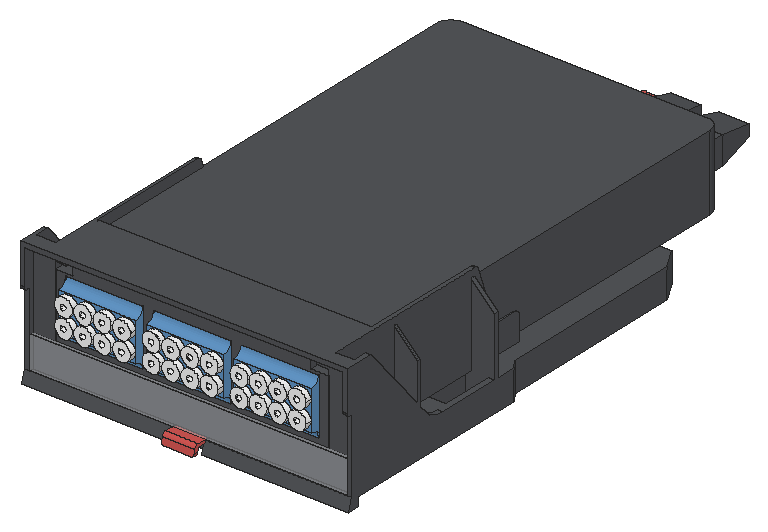
Revit family "MTP cassettes", category Installations électriques, Revit 2020
Family settings
  Conserver l'orientation des annotations = Non
  Cote de connecteur circulaire = Utiliser le diamètre
  Type d'élément = Normal
  Basée sur le plan de construction = Non
  Toujours verticalement = Oui
  Couper avec des vides une fois chargée = Non
  Partagée = Non
  Point de calcul de pièce = Non
Parameters (values of type "MTP cassette 24 LC OS2 MTP HD panel Ultra")
  BIM wording = "MTP cassette 24 LC OS2 MTP HD panel Ultra"
  Depth = 196 mm
  Height = 43.7 mm
  Color = IDS_NOIR
  Type of connector interior = "MT/MPO"
  Operating temperature = "-10°C à 60°C"
  E-catalogue link = "https://www.legrand.fr/reference/032144/pro"
  ETIM class = "EC001130"
  With pigtails = no
  With front plate = no
  Suitable for number of connectors = 24
  LC connectors = LC connectors : 24 fibers OS2 single mode
  Elévation par défaut = 0 mm
  EAN = "3414970962188"
  SC connectors = SC connectors : 12 fibers OM4 multi mode
  Connectors visibility = Number of connectors rear side = 2  # yes
  LC connectors visibility = yes
  SC connectors visibility = no
  With housing = yes
  Fiber optic class = "OS2"
  Crossed = no
  Function = "Slim cassettes High Density MTP"
  Number of connectors rear side = 2
  Number of connectors front side = 24
  Storage temperature = "-10°C à 60°C"
  Type of connector external = "LC_DUPLEX"
  Fiber optic type = "Single mode"
  Width (mm) = 110 mm
  Legrand part number = "032144"
Types (8, lengths in mm): name | BIM wording | Depth | Type of connector interior | E-catalogue link | ETIM class | Suitable for number of connectors | LC connectors | EAN | SC connectors | Connectors visibility | LC connectors visibility | SC connectors visibility | Fiber optic class | Crossed | Function | Number of connectors rear side | Number of connectors front side | Type of connector external | Fiber optic type | Legrand part number
  MTP cassette 24 LC OM4 MTP HD panel Ultra | "MTP cassette 24 LC OM4 MTP HD panel Ultra" | 196 | "MT/MPO" | "https://www.legrand.fr/reference/032142/pro" | "EC001130" | 24 | LC connectors : 24 fibers OM4 multi mode | "3414970962140" | SC connectors : 12 fibers OM4 multi mode | yes | yes | no | "OM4" | no | "Slim cassettes High Density MTP" | 2 | 24 | "LC_DUPLEX" | "Multimode" | "032142"
  MTP cassette 12 SC OM4 HD panel Ultra | "MTP cassette 12 SC OM4 HD panel Ultra" | 196 | "MT/MPO" | "https://www.legrand.fr/reference/032143/pro" | "EC001130" | 12 | LC connectors : 12 fibers OM4 multi mode | "3414970962164" | SC connectors : 12 fibers OM4 multi mode | no | no | yes | "OM4" | yes | "Slim cassettes High Density MTP" | 1 | 12 | "SC_DUPLEX" | "Multimode" | "032143"
  MTP cassette 24 LC OS2 MTP HD panel Ultra | "MTP cassette 24 LC OS2 MTP HD panel Ultra" | 196 | "MT/MPO" | "https://www.legrand.fr/reference/032144/pro" | "EC001130" | 24 | LC connectors : 24 fibers OS2 single mode | "3414970962188" | SC connectors : 12 fibers OM4 multi mode | yes | yes | no | "OS2" | no | "Slim cassettes High Density MTP" | 2 | 24 | "LC_DUPLEX" | "Single mode" | "032144"
  MTP cassette 12 SC OS2 MTP HD panel Ultra | "MTP cassette 12 SC OS2 MTP HD panel Ultra" | 196 | "MT/MPO" | "https://www.legrand.fr/reference/032145/pro" | "EC001130" | 12 | LC connectors : 12 fibers OM4 multi mode | "3414970962201" | SC connectors : 12 fibers OS2 single mode | no | no | yes | "OS2" | yes | "Slim cassettes High Density MTP" | 1 | 12 | "SC_DUPLEX" | "Single mode" | "032145"
  MTP cassette 12 LC OM4 MTP HD panel Ultra | "MTP cassette 12 LC OM4 MTP HD panel Ultra" | 200 | "MTP-M" | "https://www.legrand.fr/reference/032148/pro" | "EC002699" | 12 | LC connectors : 12 fibers OM4 multi mode | "3414971420236" | SC connectors : 12 fibers OM4 multi mode | no | yes | no | "OM4" | no | "High density MTP cassettes" | 1 | 12 | "LC_DUPLEX" | "Multimode" | "032148"
  MTP cassette 12 LC OS2 MTP HD panel Ultra | "MTP cassette 12 LC OS2 MTP HD panel Ultra" | 200 | "MTP-M" | "https://www.legrand.fr/reference/032149/pro" | "EC002699" | 12 | LC connectors : 12 fibers OS2 single mode | "3414971420250" | SC connectors : 12 fibers OM4 multi mode | no | yes | no | "OS2" | no | "High density MTP cassettes" | 1 | 12 | "LC_DUPLEX" | "Single mode" | "032149"
  MTP cassette 12 SC OM4 MTP HD panelÉ_UNIVERSELLE_ULTRA | "MTP cassette 12 SC OM4 MTP HD panelÉ_UNIVERSELLE_ULTRA" | 200 | "MTP-M" | "https://www.legrand.fr/reference/_ULTRA/pro" | "EC002699" | 12 | LC connectors : 12 fibers OM4 multi mode | "3414971929296" | SC connectors : 12 fibers OM4 multi mode | no | no | yes | "OM4" | yes | "High density MTP cassettes" | 1 | 12 | "SC_DUPLEX" | "Multimode" | "032159"
  MTP cassette 12 SC OS2 universal polarity Ultra | "MTP cassette 12 SC OS2 universal polarity Ultra" | 200 | "MTP-M" | "https://www.legrand.fr/reference/032160/pro" | "EC002699" | 12 | LC connectors : 12 fibers OM4 multi mode | "3414971929319" | SC connectors : 12 fibers OS2 single mode | no | no | yes | "OS2" | yes | "High density MTP cassettes" | 1 | 12 | "SC_DUPLEX" | "Single mode" | "032160"
Reference planes
  plane 1 "Centre (avant/arrière)": y = 0
  plane 2: z = 0
  plane 3 "Centre (gauche/droite)": x = 0
  plane 4: x = 110
  plane 5: x = 55
  plane 6: z = 10
  plane 7: z = 40.5
  plane 8: x = 8
  plane 9: y = 143
  plane 10: z = 37.3
  plane 11: x = 96
  plane 12: z = 29.3
  plane 13: y = 166.5
  plane 14: x = 80
  plane 15: x = 12.5
  plane 16: z = 13.8
  plane 17: y = 1.5
  plane 18: y = 27.5
  plane 19: z = 30
  plane 20: z = 38
  plane 21: z = 30
  plane 22: z = 38
  plane 23: z = 30
  plane 24: z = 38
  plane 25: z = 30
  plane 26: z = 38
Forms (mm)
  Extrusion 1, solid, material "IDS_NOIR" <- "Color"
    sketch origin (0, 0, 0) x (1, 0, 0) y (0, 1, 0)
      loop
        line (110, 0) -> (110, 68) -> (107.5, 71.441) -> (107.5, 135.5) -> (103.17, 143) -> (55, 143) -> (6.83, 143) -> (2.5, 135.5) -> (2.5, 71.441) -> (0, 68) -> (0, 0) -> (110, 0)
      loop
        line (2, 60) -> (2, 42) -> (10, 42) -> (10, 60) -> (2, 60)
      loop
        line (108, 60) -> (100, 60) -> (100, 42) -> (108, 42) -> (108, 60)
    from 0 to 10
  Extrusion 2, solid, material "IDS_NOIR" <- "Color"
    sketch origin (0, 0, 0) x (0, 1, 0) y (0, 0, 1)
      loop
        arc (38, 10) -> (33.774, 10.937) -> (30.34, 13.572) r 10
        line (30.34, 13.572) -> (7.744, 40.5) -> (-2, 40.5) -> (-2, 27)
        arc (-2, 27) -> (-1.707, 26.293) -> (-1, 26) r 1
        line (-1, 26) -> (0, 26) -> (0, 10) -> (38, 10)
    from 0 to 1.5
  Extrusion 3, solid, material "IDS_NOIR" <- "Color"
    sketch origin (110, 0, 0) x (0, 1, 0) y (0, 0, -1)
      loop
        line (38, -10) -> (0, -10) -> (0, -26) -> (-1, -26)
        arc (-1, -26) -> (-1.707, -26.293) -> (-2, -27) r 1
        line (-2, -27) -> (-2, -40.5) -> (7.744, -40.5) -> (30.34, -13.572)
        arc (30.34, -13.572) -> (33.774, -10.937) -> (38, -10) r 10
    from 0 to 1.5
  Extrusion 4, solid, material "IDS_NOIR" <- "Color"
    sketch origin (0, 45.834, 40.5) x (0, 1, 0) y (-1, 0, 0)
      loop
        line (-47.834, -1.5) -> (-47.834, -108.5) -> (-42.834, -108.5) -> (-42.834, -101) -> (-26.334, -101) -> (-26.334, -9) -> (-42.834, -9) -> (-42.834, -1.5) -> (-47.834, -1.5)
    from -1.5 to 0
  Extrusion 5, solid, material "IDS_NOIR" <- "Color"
    sketch origin (8, -1524, 47.803) x (0, 0, 1) y (0, -1, 0)
      loop
        line (-7.303, -1527) -> (-37.803, -1527) -> (-37.803, -1604) -> (-29.803, -1604)
        arc (-29.803, -1604) -> (-28.742, -1603.561) -> (-28.303, -1602.5) r 1.5
        line (-28.303, -1602.5) -> (-28.303, -1595.05)
        arc (-28.303, -1595.05) -> (-28.032, -1594.19) -> (-27.316, -1593.641) r 1.5
        line (-27.316, -1593.641) -> (-8.29, -1586.716)
        arc (-8.29, -1586.716) -> (-7.574, -1586.167) -> (-7.303, -1585.306) r 1.5
        line (-7.303, -1585.306) -> (-7.303, -1527)
    from 0 to 1
  Extrusion 6, solid, material "IDS_NOIR" <- "Color"
    sketch origin (102, -1524, 47.803) x (0, 0, 1) y (0, 1, 0)
      loop
        line (-7.303, 1527) -> (-7.303, 1585.306)
        arc (-7.303, 1585.306) -> (-7.574, 1586.167) -> (-8.29, 1586.716) r 1.5
        line (-8.29, 1586.716) -> (-27.316, 1593.641)
        arc (-27.316, 1593.641) -> (-28.032, 1594.19) -> (-28.303, 1595.05) r 1.5
        line (-28.303, 1595.05) -> (-28.303, 1602.5)
        arc (-28.303, 1602.5) -> (-28.742, 1603.561) -> (-29.803, 1604) r 1.5
        line (-29.803, 1604) -> (-37.803, 1604) -> (-37.803, 1527) -> (-7.303, 1527)
    from 0 to 1
  Extrusion 7, solid, material "IDS_NOIR" <- "Color"
    sketch origin (108.5, 3, 40.5) x (-1, 0, 0) y (0, 0, 1)
      loop
        line (107, -1.5) -> (0, -1.5) -> (0, -31.5) -> (107, -31.5) -> (107, -1.5)
      loop
        line (99.5, -4.5) -> (95.5, -4.5) -> (95.5, -2.7) -> (11.5, -2.7) -> (11.5, -4.5) -> (7.5, -4.5) -> (7.5, -28.5) -> (99.5, -28.5) -> (99.5, -4.5)
    from 0 to -1.5
  Extrusion 8, void
    sketch origin (0, 0, 0) x (1, 0, 0) y (0, 0, 1)
      loop
        line (1.5, 10) -> (1.5, 0) -> (108.5, 0) -> (108.5, 10) -> (1.5, 10)
    from 0 to -1.5
  Extrusion 9, solid, material "IDS_NOIR" <- "Color"
    sketch origin (0, 0, 0) x (0, 1, 0) y (0, 0, 1)
      loop
        line (0, 1) -> (-1.399, -3) -> (2.5, -3) -> (2.5, 1) -> (0, 1)
    from 0 to 110
  Extrusion 10, solid, material "IDS_TRANSPARENT"
    sketch origin (0, 0, 0) x (1, 0, 0) y (0, 0, 1)
      loop
        line (1.5, 1) -> (108.5, 1) -> (108.5, 12) -> (1.5, 12) -> (1.5, 1)
    from 0 to -1.5
  Extrusion 11, solid, material "IDS_NOIR"
    sketch origin (0, 207.846, 10) x (0, 1, 0) y (-1, 0, 0)
      loop
        line (-206.346, -9) -> (-206.346, -101) -> (-46.346, -101)
        arc (-46.346, -101) -> (-42.811, -99.536) -> (-41.346, -96) r 5
        line (-41.346, -96) -> (-41.346, -14)
        arc (-41.346, -14) -> (-42.811, -10.464) -> (-46.346, -9) r 5
        line (-46.346, -9) -> (-206.346, -9)
    from 2 to 27.3
  Extrusion 12, solid, material "IDS_NOIR" <- "Color"
    sketch origin (0, 178.814, 29.3) x (0, 1, 0) y (-1, 0, 0)
      loop
        line (-12.314, -96) -> (-5.514, -96) -> (-5.514, -83) -> (-12.314, -83) -> (-12.314, -96)
    from 0 to -9.5
  Blend 13, solid, material "IDS_NOIR" <- "Color"
    base sketch origin (0, 0, 0) x (1, 0, 0) y (0, 0, 1)
      loop
        line (94.5, 26.55) -> (84.5, 26.55) -> (84.5, 22.55) -> (94.5, 22.55) -> (94.5, 26.55)
    top sketch origin (0, 0, 0) x (1, 0, 0) y (0, 0, 1)
      loop
        line (96, 29.3) -> (83, 29.3) -> (83, 19.8) -> (96, 19.8) -> (96, 29.3)
    from -185.8 to -173.3
  Extrusion 14, solid, material "IDS_NOIR" <- "Color", visible <- "Connectors visibility"
    sketch origin (-16, 178.814, 29.3) x (0, 1, 0) y (-1, 0, 0)
      loop
        line (-12.314, -96) -> (-5.514, -96) -> (-5.514, -83) -> (-12.314, -83) -> (-12.314, -96)
    from 0 to -9.5
  Blend 15, solid, material "IDS_NOIR" <- "Color", visible <- "Connectors visibility"
    base sketch origin (-16, 0, 0) x (1, 0, 0) y (0, 0, 1)
      loop
        line (94.5, 26.55) -> (84.5, 26.55) -> (84.5, 22.55) -> (94.5, 22.55) -> (94.5, 26.55)
    top sketch origin (-16, 0, 0) x (1, 0, 0) y (0, 0, 1)
      loop
        line (96, 29.3) -> (83, 29.3) -> (83, 19.8) -> (96, 19.8) -> (96, 29.3)
    from -185.8 to -173.3
  Extrusion 16, void
    sketch origin (0, 1.5, 0) x (-1, 0, 0) y (0, 0, 1)
      loop
        line (-9, 37.8) -> (-15, 37.8) -> (-15, 33.8) -> (-9, 33.8) -> (-9, 37.8)
      loop
        line (-101, 37.8) -> (-101, 33.8) -> (-95, 33.8) -> (-95, 37.8) -> (-101, 37.8)
      loop
        line (-12.5, 32.8) -> (-38.5, 32.8) -> (-38.5, 13.8) -> (-12.5, 13.8) -> (-12.5, 32.8)
      loop
        line (-97.5, 32.8) -> (-97.5, 13.8) -> (-71.5, 13.8) -> (-71.5, 32.8) -> (-97.5, 32.8)
      loop
        line (-68, 32.8) -> (-68, 13.8) -> (-42, 13.8) -> (-42, 32.8) -> (-68, 32.8)
    from 0 to 8.6
  Extrusion 17, void
    sketch origin (0, 0, 0) x (1, 0, 0) y (0, 0, 1)
      loop
        line (49.5, -3) -> (60.5, -3) -> (60.5, 1) -> (49.5, 1) -> (49.5, -3)
    from -1.5 to 1.5
  Extrusion 18, solid, material "IDS_ROUGE"
    sketch origin (49.5, 0, -2.301) x (0, 0, -1) y (0, 1, 0)
      loop
        line (-3.301, 1.5) -> (-3.301, -2.7)
        arc (-3.301, -2.7) -> (-2.95, -3.664) -> (-2.061, -4.177) r 1.5
        line (-2.061, -4.177) -> (0.127, -4.563) -> (0.301, -3.578) -> (-1.64, -3.236)
        arc (-1.64, -3.236) -> (-2.114, -2.963) -> (-2.301, -2.448) r 0.8
        line (-2.301, -2.448) -> (-2.301, 1.5) -> (-3.301, 1.5)
    from 0 to 11
  Extrusion 19, void
    sketch origin (49.5, -3.973, 0.92) x (0, 0.173648, 0.984808) y (1, 0, 0)
      loop
        line (-3.399, 1) -> (-3.399, 0) -> (-2.399, 0)
        arc (-2.399, 0) -> (-3.107, 0.293) -> (-3.399, 1) r 1
      loop
        arc (-3.399, 10) -> (-3.107, 10.707) -> (-2.399, 11) r 1
        line (-2.399, 11) -> (-3.399, 11) -> (-3.399, 10)
    from 0 to 1
  Extrusion 20, solid, material "IDS_ROUGE"
    sketch origin (0, 207.846, 12) x (-1, 0, 0) y (0, 1, 0)
      loop
        arc (-49, -41.346) -> (-45.464, -39.882) -> (-44, -36.346) r 5
        line (-44, -36.346) -> (-44, -21.346)
        arc (-44, -21.346) -> (-45.464, -17.811) -> (-49, -16.346) r 5
        line (-49, -16.346) -> (-61, -16.346)
        arc (-61, -16.346) -> (-64.536, -17.811) -> (-66, -21.346) r 5
        line (-66, -21.346) -> (-66, -36.346)
        arc (-66, -36.346) -> (-64.536, -39.882) -> (-61, -41.346) r 5
        line (-61, -41.346) -> (-49, -41.346)
      loop
        arc (-45.2, -21.346) -> (-46.313, -18.659) -> (-49, -17.546) r 3.8
        line (-49, -17.546) -> (-61, -17.546)
        arc (-61, -17.546) -> (-63.687, -18.659) -> (-64.8, -21.346) r 3.8
        line (-64.8, -21.346) -> (-64.8, -36.346)
        arc (-64.8, -36.346) -> (-63.687, -39.033) -> (-61, -40.146) r 3.8
        line (-61, -40.146) -> (-49, -40.146)
        arc (-49, -40.146) -> (-46.313, -39.033) -> (-45.2, -36.346) r 3.8
        line (-45.2, -36.346) -> (-45.2, -21.346)
    from 0 to -5.5
  Extrusion 21, solid, material "IDS_ROUGE"
    sketch origin (0, 207.846, 12) x (0, -1, 0) y (-1, 0, 0)
      loop
        line (17.546, -49) -> (17.546, -61)
        arc (17.546, -61) -> (18.659, -63.687) -> (21.346, -64.8) r 3.8
        line (21.346, -64.8) -> (36.346, -64.8)
        arc (36.346, -64.8) -> (39.033, -63.687) -> (40.146, -61) r 3.8
        line (40.146, -61) -> (40.146, -49)
        arc (40.146, -49) -> (39.033, -46.313) -> (36.346, -45.2) r 3.8
        line (36.346, -45.2) -> (21.346, -45.2)
        arc (21.346, -45.2) -> (18.659, -46.313) -> (17.546, -49) r 3.8
      loop
        line (18.546, -53.5) -> (18.546, -56.5)
        arc (18.546, -56.5) -> (20.597, -61.45) -> (25.546, -63.5) r 7
        line (25.546, -63.5) -> (32.146, -63.5)
        arc (32.146, -63.5) -> (37.096, -61.45) -> (39.146, -56.5) r 7
        line (39.146, -56.5) -> (39.146, -53.5)
        arc (39.146, -53.5) -> (37.096, -48.55) -> (32.146, -46.5) r 7
        line (32.146, -46.5) -> (25.546, -46.5)
        arc (25.546, -46.5) -> (20.597, -48.55) -> (18.546, -53.5) r 7
    from 0 to -1.2
  Extrusion 22, solid, material "IDS_ROUGE"
    sketch origin (0, 0, 0) x (1, 0, 0) y (0, 1, 0)
      loop
        line (49, 191.5) -> (61, 191.5) -> (61, 197.5)
        arc (61, 197.5) -> (60.707, 198.207) -> (60, 198.5) r 1
        line (60, 198.5) -> (50, 198.5)
        arc (50, 198.5) -> (49.293, 198.207) -> (49, 197.5) r 1
        line (49, 197.5) -> (49, 191.5)
    from 15 to 12
  Extrusion 23, solid, material "IDS_NOIR" <- "Color"
    sketch origin (-16.315, 27.5, 1200) x (-1, 0, 0) y (0, 0, 1)
      loop
        line (-16.315, -1200) -> (-16.315, -1170) -> (-24.315, -1162) -> (-24.315, -1200) -> (-16.315, -1200)
      loop
        line (-126.315, -1200) -> (-118.315, -1200) -> (-118.315, -1162) -> (-126.315, -1170) -> (-126.315, -1200)
    from 0 to 1
  Extrusion 24, solid, material "IDS_NOIR" <- "Color"
    sketch origin (-16.315, 60, 1200) x (-1, 0, 0) y (0, 0, 1)
      loop
        line (-16.315, -1200) -> (-16.315, -1170) -> (-24.315, -1162) -> (-24.315, -1200) -> (-16.315, -1200)
      loop
        line (-126.315, -1200) -> (-118.315, -1200) -> (-118.315, -1162) -> (-126.315, -1170) -> (-126.315, -1200)
    from 0 to 1
Cuts and joins
  Extrusion 8, Extrusion 17 cuts Extrusion 1
  Extrusion 8, Extrusion 17 cuts Extrusion 2
  Extrusion 8, Extrusion 17 cuts Extrusion 3
  Extrusion 8, Extrusion 17 cuts Extrusion 4
  Extrusion 17 cuts Extrusion 5
  Extrusion 17 cuts Extrusion 6
  Extrusion 17 cuts Extrusion 7
  Extrusion 17 cuts Extrusion 9
  joined: Extrusion 1, Extrusion 2, Extrusion 3, Extrusion 4, Extrusion 5, Extrusion 6, Extrusion 7, Extrusion 9, Extrusion 23, Extrusion 24
  joined: Extrusion 12, Blend 13
  Extrusion 16 cuts Extrusion 11
  Extrusion 19 cuts Extrusion 18
  joined: Extrusion 20, Extrusion 21, Extrusion 22
Dimensions and locks
  "Width (mm)": plane 4 to plane 3 "Centre (gauche/droite)"
  equal spacing: plane 3 "Centre (gauche/droite)", plane 5, plane 4, locked at 55 each
  locked: Extrusion 1 sketch curve to plane 5 at 52.5  (x2)
  locked: Extrusion 1 sketch curve to Extrusion 1 sketch curve at 68  (x2)
  Extrusion 1 sketch curve to Extrusion 1 sketch curve = 7.5 mm  (x2)
  locked: Extrusion 1 sketch curve to Extrusion 1 sketch curve at 2  (x2)
  locked: Extrusion 1 sketch curve to Extrusion 1 sketch curve at 8  (x2)
  locked: Extrusion 1 sketch curve to Extrusion 1 sketch curve at 42  (x2)
  locked: Extrusion 1 sketch curve to Extrusion 1 sketch curve at 18  (x2)
  locked: plane 6 to plane 2 at 10
  plane 7 to level = 40.5 mm
  locked: Extrusion 2 sketch curve to Extrusion 2 sketch curve at 38
  Extrusion 2 sketch curve to Extrusion 2 sketch curve = 2 mm
  Extrusion 2 sketch curve to Extrusion 1 = 16 mm
  locked: Extrusion 3 sketch curve to Extrusion 3 sketch curve at 38
  Extrusion 3 sketch curve to Extrusion 3 sketch curve = 2 mm
  locked: Extrusion 4 sketch curve to Extrusion 4 sketch curve at 5
  locked: Extrusion 5 sketch curve to cut or joined group 1 (Extrusion 1, Extrusion 2, Extrusion 3, Extrusion 4, Extrusion 5, Extrusion 6, Extrusion 7, Extrusion 8, Extrusion 9, Extrusion 17, Extrusion 23, Extrusion 24) at 5
  locked: Extrusion 5 sketch curve to Extrusion 5 sketch curve at 77
  Extrusion 5 sketch curve to cut or joined group 1 = 9.5 mm
  Extrusion 5 sketch curve to Extrusion 5 sketch curve = 8.95 mm
  locked: plane 8 to plane 3 "Centre (gauche/droite)" at 8
  locked: Extrusion 6 sketch curve to Extrusion 6 sketch curve at 77
  Extrusion 6 sketch curve to Extrusion 6 sketch curve = 8.95 mm
  Extrusion 4 sketch curve to cut or joined group 1 = 21.5 mm
  locked: Extrusion 7 sketch curve to level at 12
  locked: Extrusion 7 sketch curve to Extrusion 7 sketch curve at 24
  locked: Extrusion 7 sketch curve to Extrusion 7 sketch curve at 1.8
  locked: Extrusion 7 sketch curve to Extrusion 7 sketch curve at 84
  cut or joined group 1 to cut or joined group 1 = 6.5 mm  (x2)
  locked: cut or joined group 1 to plane 3 "Centre (gauche/droite)" at 13
  locked: Extrusion 9 sketch curve to plane 1 "Centre (avant/arrière)" at 2.5
  locked: level to Extrusion 9 sketch curve at 3
  locked: Extrusion 9 sketch curve to Extrusion 9 sketch curve at 4
  plane 1 "Centre (avant/arrière)" to plane 9 = 143 mm
  locked: plane 10 to level at 37.3
  locked: plane 11 to Extrusion 11 at 5
  locked: Extrusion 12 sketch curve to Extrusion 11 at 6.8
  locked: Extrusion 12 sketch curve to plane 11 at 13
  plane 10 to plane 12 = 8 mm
  locked: Extrusion 12 to plane 12 at 9.5
  locked: plane 13 to plane 1 "Centre (avant/arrière)" at 166.5
  locked: Extrusion 14 sketch curve to plane 14 at 13
  Extrusion 16 sketch curve to Extrusion 16 sketch curve to plane 5 = 6 mm, 40 mm  (x2)
  locked: Extrusion 16 sketch curve to Extrusion 16 sketch curve at 4  (x2)
  locked: Extrusion 11 to Extrusion 16 sketch curve at 3.5
  locked: cut or joined group 1 to Extrusion 16 sketch curve at 5
  locked: Extrusion 16 sketch curve to Extrusion 16 sketch curve at 19  (x3)
  locked: Extrusion 16 sketch curve to Extrusion 16 sketch curve at 26  (x3)
  cut or joined group 1 to Extrusion 16 sketch curve = 5 mm
  Extrusion 11 to Extrusion 16 sketch curve = 3.5 mm
  locked: Extrusion 16 sketch curve to Extrusion 16 sketch curve at 3.5  (x2)
  locked: Extrusion 17 sketch curve to plane 5 at 5.5  (x2)
  cut or joined group 1 to Extrusion 18 sketch curve = 4 mm
  cut or joined group 1 to Extrusion 18 sketch curve = 2.7 mm
  locked: plane 5 to Extrusion 20 sketch curve at 11
  locked: Extrusion 20 sketch curve to plane 5 at 11
  locked: Extrusion 20 sketch curve to cut or joined group of Extrusion 11, Extrusion 16 at 25
  Extrusion 21 sketch curve to plane 5 = 8.5 mm
  plane 5 to Extrusion 21 sketch curve = 8.5 mm
  Extrusion 21 sketch curve to Extrusion 20 = 1 mm  (x2)
  Extrusion 22 sketch curve to cut or joined group of Extrusion 20, Extrusion 21, Extrusion 22 = 7 mm
  Extrusion 22 sketch curve to plane 5 = 6 mm
  plane 5 to Extrusion 22 sketch curve = 6 mm
  locked: plane 1 "Centre (avant/arrière)" to plane 18 at 27.5
  plane 19 to level = 30 mm
  plane 20 to level = 38 mm
  radius of Extrusion 2 sketch curve = 10 mm
  radius of Extrusion 3 sketch curve = 10 mm
  radius of Extrusion 11 sketch curve = 5 mm  (x2)
  radius of Extrusion 20 sketch curve = 5 mm  (x4)
  locked: Extrusion 1 sketch curve to Extrusion 1 sketch curve (angle 150.00°)  (x2)
  angle Extrusion 1 sketch curve to Extrusion 1 sketch curve = 144.00°  (x2)
  locked: Extrusion 2 sketch curve to Extrusion 2 sketch curve (angle 130.00°)
  angle Extrusion 3 sketch curve to Extrusion 3 sketch curve = 130.00°
  locked: Extrusion 5 sketch curve to Extrusion 5 sketch curve (angle 110.00°)
  angle Extrusion 6 sketch curve to Extrusion 6 sketch curve = 110.00°
  locked: Extrusion 18 sketch curve to Extrusion 18 sketch curve (angle 100.00°)
  aligned and locked: level to plane 2
  aligned and locked: plane 4 to Extrusion 1 sketch curve
  aligned and locked: Extrusion 1 sketch curve to plane 1 "Centre (avant/arrière)"
  aligned and locked: plane 3 "Centre (gauche/droite)" to Extrusion 1 sketch curve
  aligned and locked: plane 5 to Extrusion 1 sketch curve  (x2)
  aligned and locked: plane 6 to Extrusion 1
  aligned and locked: plane 6 to Extrusion 2 sketch curve
  aligned and locked: Extrusion 2 sketch curve to Extrusion 1
  aligned and locked: Extrusion 2 sketch curve to plane 7
  aligned and locked: Extrusion 3 to plane 4
  aligned and locked: cut or joined group 1 to Extrusion 4 sketch curve
  aligned and locked: Extrusion 4 sketch curve to cut or joined group 1  (x2)
  aligned and locked: plane 7 to Extrusion 4
  aligned and locked: plane 6 to Extrusion 5 sketch curve
  aligned and locked: Extrusion 5 sketch curve to plane 7
  aligned and locked: Extrusion 5 to plane 8
  aligned and locked: Extrusion 4 sketch curve to Extrusion 5
  aligned and locked: Extrusion 4 sketch curve to Extrusion 6
  aligned and locked: Extrusion 4 sketch curve to Extrusion 4 sketch curve
  aligned and locked: Extrusion 8 sketch curve to cut or joined group 1  (x3)
  aligned and locked: Extrusion 7 sketch curve to Extrusion 7 sketch curve
  aligned and locked: plane 1 "Centre (avant/arrière)" to Extrusion 9 sketch curve
  aligned and locked: Extrusion 9 to plane 4
  aligned and locked: Extrusion 10 sketch curve to cut or joined group 1  (x4)
  aligned and locked: Extrusion 10 to cut or joined group 1
  aligned and locked: Extrusion 1 sketch curve to plane 9
  aligned and locked: Extrusion 11 sketch curve to cut or joined group 1  (x3)
  aligned and locked: Extrusion 11 to plane 10
  aligned and locked: plane 11 to Extrusion 12 sketch curve
  aligned and locked: Blend 13 sketch curve to Extrusion 12  (x4)
  aligned and locked: Blend 13 to Extrusion 12
  aligned and locked: plane 13 to Extrusion 11
  aligned and locked: plane 13 to Extrusion 11 sketch curve
  aligned and locked: plane 14 to Extrusion 14 sketch curve
  aligned and locked: Blend 15 sketch curve to Extrusion 14  (x4)
  aligned and locked: Blend 15 to Extrusion 14
  aligned and locked: Extrusion 11 to cut or joined group 1
  aligned and locked: plane 16 to cut or joined group of Extrusion 11, Extrusion 16
  aligned and locked: plane 15 to cut or joined group of Extrusion 11, Extrusion 16
  aligned and locked: plane 17 to cut or joined group 1
  aligned and locked: cut or joined group 1 to Extrusion 17 sketch curve  (x2)
  aligned and locked: Extrusion 7 to Extrusion 17
  aligned and locked: plane 17 to Extrusion 18 sketch curve  (x2)
  aligned and locked: cut or joined group 1 to Extrusion 18
  aligned and locked: Extrusion 18 to Extrusion 19
  aligned and locked: Extrusion 20 sketch curve to plane 13
  aligned and locked: Extrusion 21 sketch curve to Extrusion 20  (x2)
  aligned and locked: Extrusion 22 sketch curve to cut or joined group of Extrusion 20, Extrusion 21, Extrusion 22
  aligned and locked: plane 15 to nested 1
  aligned and locked: plane 15 to nested 2
  aligned and locked: nested 2 to nested 1
  aligned and locked: Extrusion 23 sketch curve to plane 3 "Centre (gauche/droite)"
  aligned and locked: plane 8 to Extrusion 23 sketch curve
  aligned and locked: Extrusion 23 sketch curve to plane 2
Automatic sketch dimensions
  Extrusion 2 sketch curve to plane 6 = 0 mm
  Extrusion 2 sketch curve to Extrusion 2 sketch curve = 1 mm
  Extrusion 2 sketch curve to plane 16 = 0.228 mm
  Extrusion 2 sketch curve to Extrusion 2 sketch curve = 0 mm
  Extrusion 3 sketch curve to plane 7 = 0 mm
  Extrusion 3 sketch curve to plane 1 "Centre (avant/arrière)" = 0 mm
  Extrusion 3 sketch curve to plane 6 = 0 mm  (x2)
  Extrusion 3 sketch curve to Extrusion 3 sketch curve = 1 mm
  Extrusion 3 sketch curve to plane 16 = 0.228 mm
  Extrusion 3 sketch curve to plane 12 = 2.3 mm
  Extrusion 3 sketch curve to Extrusion 3 sketch curve = 0 mm
  Extrusion 5 sketch curve to Extrusion 5 sketch curve = 1.5 mm  (x2)
  Extrusion 5 sketch curve to Extrusion 5 sketch curve = 0.987 mm
  Extrusion 6 sketch curve to plane 6 = 0 mm
  Extrusion 6 sketch curve to plane 7 = 0 mm
  plane 16 to Extrusion 6 sketch curve = 4.2 mm
  Extrusion 6 sketch curve to Extrusion 6 sketch curve = 1.5 mm  (x2)
  Extrusion 6 sketch curve to Extrusion 6 sketch curve = 0.987 mm
  plane 17 to Extrusion 6 sketch curve = 1.5 mm
  Extrusion 7 sketch curve to Extrusion 4 = 0 mm  (x3)
  Extrusion 4 to Extrusion 7 sketch curve = 4 mm
  Extrusion 7 sketch curve to Extrusion 7 sketch curve = 4 mm
  Extrusion 7 sketch curve to Extrusion 7 sketch curve = 7.5 mm
  Extrusion 7 sketch curve to Extrusion 7 sketch curve = 3 mm
  plane 4 to Extrusion 8 sketch curve = 1.5 mm
  plane 1 "Centre (avant/arrière)" to Extrusion 9 sketch curve = 1.399 mm
  Extrusion 11 sketch curve to Extrusion 11 sketch curve = 0 mm  (x2)
  Extrusion 12 sketch curve to plane 13 = 0 mm
  Blend 13 sketch curve to plane 12 = 2.75 mm
  plane 4 to Blend 13 sketch curve = 25.5 mm
  Blend 13 sketch curve to Blend 13 sketch curve = 10 mm
  Blend 13 sketch curve to Blend 13 sketch curve = 4 mm
  Extrusion 14 sketch curve to plane 13 = 0 mm
  Extrusion 14 sketch curve to Extrusion 14 sketch curve = 6.8 mm
  Blend 15 sketch curve to plane 12 = 2.75 mm
  plane 5 to Blend 15 sketch curve = 13.5 mm
  Blend 15 sketch curve to Blend 15 sketch curve = 10 mm
  Blend 15 sketch curve to Blend 15 sketch curve = 4 mm
  Extrusion 16 sketch curve to Extrusion 16 sketch curve = 0 mm
  Extrusion 16 sketch curve to Extrusion 16 sketch curve = 1 mm  (x2)
  Extrusion 17 to Extrusion 18 sketch curve = 1 mm
  Extrusion 17 to Extrusion 18 sketch curve = 1.24 mm
  Extrusion 18 sketch curve to Extrusion 18 sketch curve = 0.161 mm
  Extrusion 18 sketch curve to Extrusion 17 = 0.572 mm
  Extrusion 18 sketch curve to Extrusion 17 = 0.398 mm
  Extrusion 18 to Extrusion 19 sketch curve = 0 mm  (x2)
  Extrusion 19 sketch curve to Extrusion 18 = 0 mm  (x2)
  Extrusion 18 to Extrusion 19 sketch curve = 1 mm  (x2)
  Extrusion 20 sketch curve to Extrusion 20 sketch curve = 0 mm  (x7)
  Extrusion 20 sketch curve to Extrusion 20 sketch curve = 1.2 mm
  Extrusion 20 to Extrusion 21 sketch curve = 0 mm
  Extrusion 21 sketch curve to Extrusion 21 sketch curve = 4.2 mm  (x2)
  Extrusion 21 sketch curve to Extrusion 21 sketch curve = 6.6 mm
  Extrusion 21 sketch curve to Extrusion 21 sketch curve = 0 mm
  Extrusion 21 sketch curve to Extrusion 20 = 3.8 mm  (x2)
  Extrusion 22 sketch curve to Extrusion 22 sketch curve = 1 mm  (x2)
  Extrusion 23 sketch curve to level = 0 mm
  plane 4 to Extrusion 23 sketch curve = 0 mm
  Extrusion 23 sketch curve to plane 20 = 0 mm  (x2)
  Extrusion 23 sketch curve to plane 19 = 0 mm  (x2)
  plane 4 to Extrusion 23 sketch curve = 8 mm
  Extrusion 24 sketch curve to level = 0 mm  (x2)
  plane 4 to Extrusion 24 sketch curve = 0 mm
  Extrusion 24 sketch curve to plane 24 = 0 mm  (x2)
  Extrusion 24 sketch curve to plane 8 = 0 mm
  Extrusion 24 sketch curve to plane 3 "Centre (gauche/droite)" = 0 mm
  Extrusion 24 sketch curve to plane 23 = 0 mm  (x2)
  plane 4 to Extrusion 24 sketch curve = 8 mm
Nested families
  nested 1: "LC connectors" at (12.5, -1.5, 13.8), type <- "LC connectors", visible <- "LC connectors visibility", type "24 fibers OS2 single mode"
  nested 2: "SC connectors" at (12.5, -1.5, 13.8), type <- "SC connectors", visible <- "SC connectors visibility", type "12 fibers OM4 multi mode"
Definition of nested family "LC connectors"
  Parameters (values of type "24 fibres OS2 monomode")
    IDS_COULEUR = none
    Default Elevation = 0 mm
    Nombre de connecteurs = 24
    Visibilité cachée = Nombre de connecteurs = 12  # no
    Connecteurs cachés = if(Nombre de connecteurs = 12, 13.8 mm, -1 mm)  # -1 mm
  Types (4, lengths in mm): name | Nombre de connecteurs | Visibilité cachée | Connecteurs cachés
    24 fibres OM4 multi mode | 24 | no | -1
    24 fibres OS2 monomode | 24 | no | -1
    12 fibres OM4 multimode | 12 | yes | 13.8
    12 fibres OS2 monomode | 12 | yes | 13.8
  Reference planes
    plane 1 "Centre (avant/arrière)": y = 0
    plane 2: z = 0
    plane 3 "Centre (gauche/droite)": x = 0
    plane 4: z = 19
    plane 5: x = 85
    plane 6: y = 11.6
    plane 7: x = 26
    plane 8: x = 29.5
    plane 9: x = 55.5
    plane 10: x = 59
    plane 11: z = 9.5
    plane 12: x = 13
    plane 13: x = 6.5
    plane 14: z = 12.75
    plane 15: x = 3.25
    plane 16: x = 9.75
    plane 17: x = 22.75
    plane 18: x = 16.25
    plane 19: y = 3
    plane 20: x = 13
    plane 21: x = 6.5
    plane 22: z = 6.25
    plane 23: x = 3.25
    plane 24: x = 9.75
    plane 25: x = 22.75
    plane 26: x = 16.25
    plane 27: x = 42.5
    plane 28: x = 36
    plane 29: z = 12.75
    plane 30: x = 32.75
    plane 31: x = 39.25
    plane 32: x = 52.25
    plane 33: x = 45.75
    plane 34: x = 42.5
    plane 35: x = 36
    plane 36: z = 6.25
    plane 37: x = 32.75
    plane 38: x = 39.25
    plane 39: x = 52.25
    plane 40: x = 45.75
    plane 41: x = 72
    plane 42: x = 65.5
    plane 43: z = 12.75
    plane 44: x = 62.25
    plane 45: x = 68.75
    plane 46: x = 81.75
    plane 47: x = 75.25
    plane 48: x = 72
    plane 49: x = 65.5
    plane 50: z = 6.25
    plane 51: x = 62.25
    plane 52: x = 68.75
    plane 53: x = 81.75
    plane 54: x = 75.25
  Forms (mm)
    Extrusion 1, solid, material <- "IDS_COULEUR"
      sketch origin (0, 0, 0) x (0, 1, 0) y (0, 0, 1)
        loop
          line (3, 0) -> (11.6, 0) -> (11.6, 19) -> (3, 19)
          arc (3, 19) -> (2.121, 16.879) -> (0, 16) r 3
          line (0, 16) -> (0, 3)
          arc (0, 3) -> (2.121, 2.121) -> (3, 0) r 3
      from 0 to 26
    Extrusion 2, solid
      sketch origin (0, 0, 0) x (1, 0, 0) y (0, 0, 1)
        loop
          circle (3.25, 12.75) r 3
        loop
          circle (9.75, 12.75) r 3
        loop
          circle (16.25, 12.75) r 3
        loop
          circle (22.75, 12.75) r 3
        loop
          circle (3.25, 12.75) r 1
        loop
          circle (9.75, 12.75) r 1
        loop
          circle (16.25, 12.75) r 1
        loop
          circle (22.75, 12.75) r 1
      from 0 to 2
    Extrusion 3, solid
      sketch origin (0, 0, 19) x (1, 0, 0) y (0, 0, 1)
        loop
          circle (3.25, -12.75) r 3
        loop
          circle (9.75, -12.75) r 3
        loop
          circle (16.25, -12.75) r 3
        loop
          circle (22.75, -12.75) r 3
        loop
          circle (3.25, -12.75) r 1
        loop
          circle (9.75, -12.75) r 1
        loop
          circle (16.25, -12.75) r 1
        loop
          circle (22.75, -12.75) r 1
      from 0 to 2
    Extrusion 4, solid, material <- "IDS_COULEUR"
      sketch origin (29.5, 0, 0) x (0, 1, 0) y (0, 0, 1)
        loop
          line (3, 0) -> (11.6, 0) -> (11.6, 19) -> (3, 19)
          arc (3, 19) -> (2.121, 16.879) -> (0, 16) r 3
          line (0, 16) -> (0, 3)
          arc (0, 3) -> (2.121, 2.121) -> (3, 0) r 3
      from 0 to 26
    Extrusion 5, solid
      sketch origin (29.5, 0, 0) x (1, 0, 0) y (0, 0, 1)
        loop
          circle (3.25, 12.75) r 3
        loop
          circle (9.75, 12.75) r 3
        loop
          circle (16.25, 12.75) r 3
        loop
          circle (22.75, 12.75) r 3
        loop
          circle (3.25, 12.75) r 1
        loop
          circle (9.75, 12.75) r 1
        loop
          circle (16.25, 12.75) r 1
        loop
          circle (22.75, 12.75) r 1
      from 0 to 2
    Extrusion 6, solid
      sketch origin (29.5, 0, 19) x (1, 0, 0) y (0, 0, 1)
        loop
          circle (3.25, -12.75) r 3
        loop
          circle (9.75, -12.75) r 3
        loop
          circle (16.25, -12.75) r 3
        loop
          circle (22.75, -12.75) r 3
        loop
          circle (3.25, -12.75) r 1
        loop
          circle (9.75, -12.75) r 1
        loop
          circle (16.25, -12.75) r 1
        loop
          circle (22.75, -12.75) r 1
      from 0 to 2
    Extrusion 7, solid, material <- "IDS_COULEUR"
      sketch origin (59, 0, 0) x (0, 1, 0) y (0, 0, 1)
        loop
          line (3, 0) -> (11.6, 0) -> (11.6, 19) -> (3, 19)
          arc (3, 19) -> (2.121, 16.879) -> (0, 16) r 3
          line (0, 16) -> (0, 3)
          arc (0, 3) -> (2.121, 2.121) -> (3, 0) r 3
      from 0 to 26
    Extrusion 8, solid
      sketch origin (59, 0, 0) x (1, 0, 0) y (0, 0, 1)
        loop
          circle (3.25, 12.75) r 3
        loop
          circle (9.75, 12.75) r 3
        loop
          circle (16.25, 12.75) r 3
        loop
          circle (22.75, 12.75) r 3
        loop
          circle (3.25, 12.75) r 1
        loop
          circle (9.75, 12.75) r 1
        loop
          circle (16.25, 12.75) r 1
        loop
          circle (22.75, 12.75) r 1
      from 0 to 2
    Extrusion 9, solid
      sketch origin (59, 0, 19) x (1, 0, 0) y (0, 0, 1)
        loop
          circle (3.25, -12.75) r 3
        loop
          circle (9.75, -12.75) r 3
        loop
          circle (16.25, -12.75) r 3
        loop
          circle (22.75, -12.75) r 3
        loop
          circle (3.25, -12.75) r 1
        loop
          circle (9.75, -12.75) r 1
        loop
          circle (16.25, -12.75) r 1
        loop
          circle (22.75, -12.75) r 1
      from 0 to 2
    Extrusion 10, solid, visible <- "Visibilité cachée"
      sketch origin (0, 0, 0) x (1, 0, 0) y (0, 0, 1)
        loop
          line (0, 0) -> (26, 0) -> (26, 9.5) -> (0, 9.5) -> (0, 0)
        loop
          line (29.5, 0) -> (55.5, 0) -> (55.5, 9.5) -> (29.5, 9.5) -> (29.5, 0)
        loop
          line (59, 0) -> (85, 0) -> (85, 9.5) -> (59, 9.5) -> (59, 0)
      from -3 to -11.6
    Extrusion 11, void
      sketch origin (-66.882, 11.6, 1200) x (1, 0, 0) y (0, 0, 1)
        loop
          line (66.882, -1200) -> (151.882, -1200) -> (151.882, -1190.5) -> (66.882, -1190.5) -> (66.882, -1200)
      from 0 to -1 <- "Connecteurs cachés"
  Cuts and joins
    Extrusion 11 cuts Extrusion 1
    Extrusion 11 cuts Extrusion 3
    Extrusion 11 cuts Extrusion 4
    Extrusion 11 cuts Extrusion 6
    Extrusion 11 cuts Extrusion 7
    Extrusion 11 cuts Extrusion 9
  Dimensions and locks
    locked: plane 5 to plane 3 "Centre (gauche/droite)" at 85
    locked: plane 4 to plane 2 at 19
    locked: plane 6 to plane 1 "Centre (avant/arrière)" at 11.6
    locked: plane 8 to plane 7 at 3.5
    locked: plane 7 to plane 3 "Centre (gauche/droite)" at 26
    locked: plane 8 to plane 9 at 26
    locked: plane 10 to plane 9 at 3.5
    plane 5 to plane 10 = 26 mm
    equal spacing: plane 2, plane 11, plane 4, locked at 9.5 each
    equal spacing: plane 3 "Centre (gauche/droite)", plane 12, plane 7
    equal spacing: Extrusion 1, plane 13, plane 12
    equal spacing: Extrusion 1, plane 14, plane 11
    equal spacing: plane 3 "Centre (gauche/droite)", plane 15, plane 13
    equal spacing: plane 12, plane 16, plane 13
    plane 21 to plane 20 = 6.5 mm
    plane 23 to plane 21 = 3.25 mm
    equal spacing: plane 20, plane 24, plane 21
    equal spacing: Extrusion 4, plane 28, plane 27
    Extrusion 4 to plane 29 = 3.25 mm
    plane 30 to plane 28 = 3.25 mm
    equal spacing: plane 27, plane 31, plane 28
    plane 35 to plane 34 = 6.5 mm
    plane 37 to plane 35 = 3.25 mm
    equal spacing: plane 34, plane 38, plane 35
    equal spacing: Extrusion 7, plane 42, plane 41
    Extrusion 7 to plane 43 = 3.25 mm
    plane 44 to plane 42 = 3.25 mm
    equal spacing: plane 41, plane 45, plane 42
    plane 49 to plane 48 = 6.5 mm
    plane 51 to plane 49 = 3.25 mm
    equal spacing: plane 48, plane 52, plane 49
    Extrusion 11 to level = 9.5 mm
    aligned and locked: level to plane 2
    aligned and locked: Extrusion 1 sketch curve to level
    aligned and locked: plane 6 to Extrusion 1 sketch curve
    aligned and locked: plane 4 to Extrusion 1 sketch curve
    aligned and locked: plane 1 "Centre (avant/arrière)" to Extrusion 1 sketch curve
    aligned and locked: plane 7 to Extrusion 1
    aligned and locked: Extrusion 10 sketch curve to Extrusion 1  (x2)
    aligned and locked: Extrusion 1 to Extrusion 10 sketch curve
    aligned and locked: plane 11 to Extrusion 10 sketch curve  (x3)
    aligned and locked: Extrusion 10 sketch curve to Extrusion 4  (x2)
    aligned and locked: Extrusion 4 to Extrusion 10 sketch curve
    aligned and locked: Extrusion 10 sketch curve to plane 2
    aligned and locked: Extrusion 7 to Extrusion 10 sketch curve
    aligned and locked: Extrusion 10 sketch curve to Extrusion 7
    aligned and locked: plane 6 to Extrusion 10
    aligned and locked: Extrusion 11 sketch curve to Extrusion 1
    aligned and locked: Extrusion 1 to Extrusion 11 sketch curve
    aligned and locked: Extrusion 11 sketch curve to Extrusion 10  (x2)
    aligned and locked: plane 19 to Extrusion 10
  Automatic sketch dimensions
    Extrusion 1 sketch curve to plane 19 = 0 mm  (x2)
    Extrusion 2 sketch curve to Extrusion 2 sketch curve = 0 mm  (x8)
    Extrusion 2 sketch curve to plane 14 = 0 mm  (x4)
    Extrusion 2 sketch curve to plane 15 = 0 mm
    plane 16 to Extrusion 2 sketch curve = 0 mm
    Extrusion 2 sketch curve to plane 18 = 0 mm
    plane 17 to Extrusion 2 sketch curve = 0 mm
    Extrusion 3 sketch curve to Extrusion 3 sketch curve = 0 mm  (x8)
    Extrusion 3 sketch curve to plane 22 = 0 mm  (x4)
    Extrusion 3 sketch curve to plane 23 = 0 mm
    plane 24 to Extrusion 3 sketch curve = 0 mm
    Extrusion 3 sketch curve to plane 26 = 0 mm
    plane 25 to Extrusion 3 sketch curve = 0 mm
    Extrusion 4 sketch curve to plane 1 "Centre (avant/arrière)" = 0 mm
    Extrusion 4 sketch curve to level = 0 mm
    Extrusion 4 sketch curve to plane 19 = 0 mm  (x2)
    Extrusion 4 sketch curve to plane 4 = 0 mm
    Extrusion 4 sketch curve to plane 6 = 0 mm
    Extrusion 5 sketch curve to Extrusion 5 sketch curve = 0 mm  (x8)
    Extrusion 5 sketch curve to plane 29 = 0 mm  (x4)
    Extrusion 5 sketch curve to plane 30 = 0 mm
    plane 31 to Extrusion 5 sketch curve = 0 mm
    Extrusion 5 sketch curve to plane 33 = 0 mm
    plane 32 to Extrusion 5 sketch curve = 0 mm
    Extrusion 6 sketch curve to Extrusion 6 sketch curve = 0 mm  (x8)
    Extrusion 6 sketch curve to plane 36 = 0 mm  (x4)
    Extrusion 6 sketch curve to plane 37 = 0 mm
    plane 38 to Extrusion 6 sketch curve = 0 mm
    Extrusion 6 sketch curve to plane 40 = 0 mm
    plane 39 to Extrusion 6 sketch curve = 0 mm
    Extrusion 7 sketch curve to plane 1 "Centre (avant/arrière)" = 0 mm
    Extrusion 7 sketch curve to level = 0 mm
    Extrusion 7 sketch curve to plane 19 = 0 mm  (x2)
    Extrusion 7 sketch curve to plane 4 = 0 mm
    Extrusion 7 sketch curve to plane 6 = 0 mm
    Extrusion 8 sketch curve to Extrusion 8 sketch curve = 0 mm  (x8)
    Extrusion 8 sketch curve to plane 43 = 0 mm  (x4)
    Extrusion 8 sketch curve to plane 44 = 0 mm
    plane 45 to Extrusion 8 sketch curve = 0 mm
    Extrusion 8 sketch curve to plane 47 = 0 mm
    plane 46 to Extrusion 8 sketch curve = 0 mm
    Extrusion 9 sketch curve to Extrusion 9 sketch curve = 0 mm  (x8)
    Extrusion 9 sketch curve to plane 50 = 0 mm  (x4)
    Extrusion 9 sketch curve to plane 51 = 0 mm
    plane 52 to Extrusion 9 sketch curve = 0 mm
    Extrusion 9 sketch curve to plane 54 = 0 mm
    plane 53 to Extrusion 9 sketch curve = 0 mm
    radius of Extrusion 2 sketch curve = 3 mm  (x4)
    radius of Extrusion 2 sketch curve = 1 mm  (x4)
    radius of Extrusion 3 sketch curve = 3 mm  (x4)
    radius of Extrusion 3 sketch curve = 1 mm  (x4)
    radius of Extrusion 5 sketch curve = 3 mm  (x4)
    radius of Extrusion 5 sketch curve = 1 mm  (x4)
    radius of Extrusion 6 sketch curve = 3 mm  (x4)
    radius of Extrusion 6 sketch curve = 1 mm  (x4)
    radius of Extrusion 8 sketch curve = 3 mm  (x4)
    radius of Extrusion 8 sketch curve = 1 mm  (x4)
    radius of Extrusion 9 sketch curve = 3 mm  (x4)
    radius of Extrusion 9 sketch curve = 1 mm  (x4)
Definition of nested family "SC connectors"
  Parameters (values of type "12 fibres OS2 monomode")
    IDS_COULEUR = none
    Default Elevation = 0 mm
    Number of connectors = 12
    Visibility hidden = Number of connectors = 12  # yes
    Connectors hidden = if(Number of connectors = 12, 13.8 mm, -1 mm)  # 13.8 mm
  Types (2): name
    12 fibres OM4 multimode
    12 fibres OS2 monomode
  Reference planes
    plane 1 "Centre (avant/arrière)": y = 0
    plane 2: z = 0
    plane 3 "Centre (gauche/droite)": x = 0
    plane 4: z = 19
    plane 5: x = 85
    plane 6: y = 11.6
    plane 7: x = 26
    plane 8: x = 29.5
    plane 9: x = 55.5
    plane 10: x = 59
    plane 11: z = 9.5
    plane 12: y = 3
    plane 13: x = 13
    plane 14: x = 26
    plane 15: x = 13
    plane 16: x = 26
    plane 17: x = 42.5
    plane 18: x = 55.5
    plane 19: x = 42.5
    plane 20: x = 55.5
    plane 21: x = 72
    plane 22: x = 85
    plane 23: x = 72
    plane 24: x = 85
  Forms (mm)
    Extrusion 1, solid, material <- "IDS_COULEUR"
      sketch origin (0, 0, 0) x (0, 1, 0) y (0, 0, 1)
        loop
          line (11.6, 0) -> (11.6, 19) -> (0, 19) -> (0, 0) -> (11.6, 0)
      from 0 to 26
    Extrusion 2, solid
      sketch origin (0, 0, 0) x (1, 0, 0) y (0, 0, 1)
        loop
          line (0, 9.5) -> (13, 9.5) -> (13, 19) -> (0, 19) -> (0, 9.5)
      from 0 to 2
    Extrusion 3, void
      sketch origin (0, -2, 0) x (-1, 0, 0) y (0, 0, 1)
        loop
          line (-1.5, 17.5) -> (-11.5, 17.5) -> (-11.5, 11) -> (-1.5, 11) -> (-1.5, 17.5)
      from 0 to 1.3
    Extrusion 4, solid
      sketch origin (13, 0, 0) x (1, 0, 0) y (0, 0, 1)
        loop
          line (0, 9.5) -> (13, 9.5) -> (13, 19) -> (0, 19) -> (0, 9.5)
      from 0 to 2
    Extrusion 5, void
      sketch origin (13, -2, 0) x (-1, 0, 0) y (0, 0, 1)
        loop
          line (-1.5, 17.5) -> (-11.5, 17.5) -> (-11.5, 11) -> (-1.5, 11) -> (-1.5, 17.5)
      from 0 to 1.3
    Extrusion 6, solid
      sketch origin (0, 0, -9.5) x (1, 0, 0) y (0, 0, 1)
        loop
          line (0, 9.5) -> (13, 9.5) -> (13, 19) -> (0, 19) -> (0, 9.5)
      from 0 to 2
    Extrusion 7, void
      sketch origin (0, -2, -9.5) x (-1, 0, 0) y (0, 0, 1)
        loop
          line (-1.5, 17.5) -> (-11.5, 17.5) -> (-11.5, 11) -> (-1.5, 11) -> (-1.5, 17.5)
      from 0 to 1.3
    Extrusion 8, solid
      sketch origin (13, 0, -9.5) x (1, 0, 0) y (0, 0, 1)
        loop
          line (0, 9.5) -> (13, 9.5) -> (13, 19) -> (0, 19) -> (0, 9.5)
      from 0 to 2
    Extrusion 9, void
      sketch origin (13, -2, -9.5) x (-1, 0, 0) y (0, 0, 1)
        loop
          line (-1.5, 17.5) -> (-11.5, 17.5) -> (-11.5, 11) -> (-1.5, 11) -> (-1.5, 17.5)
      from 0 to 1.3
    Extrusion 10, solid, material <- "IDS_COULEUR"
      sketch origin (29.5, 0, 0) x (0, 1, 0) y (0, 0, 1)
        loop
          line (11.6, 0) -> (11.6, 19) -> (0, 19) -> (0, 0) -> (11.6, 0)
      from 0 to 26
    Extrusion 11, solid
      sketch origin (29.5, 0, 0) x (1, 0, 0) y (0, 0, 1)
        loop
          line (0, 9.5) -> (13, 9.5) -> (13, 19) -> (0, 19) -> (0, 9.5)
      from 0 to 2
    Extrusion 12, void
      sketch origin (29.5, -2, 0) x (-1, 0, 0) y (0, 0, 1)
        loop
          line (-1.5, 17.5) -> (-11.5, 17.5) -> (-11.5, 11) -> (-1.5, 11) -> (-1.5, 17.5)
      from 0 to 1.3
    Extrusion 13, solid
      sketch origin (42.5, 0, 0) x (1, 0, 0) y (0, 0, 1)
        loop
          line (0, 9.5) -> (13, 9.5) -> (13, 19) -> (0, 19) -> (0, 9.5)
      from 0 to 2
    Extrusion 14, void
      sketch origin (42.5, -2, 0) x (-1, 0, 0) y (0, 0, 1)
        loop
          line (-1.5, 17.5) -> (-11.5, 17.5) -> (-11.5, 11) -> (-1.5, 11) -> (-1.5, 17.5)
      from 0 to 1.3
    Extrusion 15, solid
      sketch origin (29.5, 0, -9.5) x (1, 0, 0) y (0, 0, 1)
        loop
          line (0, 9.5) -> (13, 9.5) -> (13, 19) -> (0, 19) -> (0, 9.5)
      from 0 to 2
    Extrusion 16, void
      sketch origin (29.5, -2, -9.5) x (-1, 0, 0) y (0, 0, 1)
        loop
          line (-1.5, 17.5) -> (-11.5, 17.5) -> (-11.5, 11) -> (-1.5, 11) -> (-1.5, 17.5)
      from 0 to 1.3
    Extrusion 17, solid
      sketch origin (42.5, 0, -9.5) x (1, 0, 0) y (0, 0, 1)
        loop
          line (0, 9.5) -> (13, 9.5) -> (13, 19) -> (0, 19) -> (0, 9.5)
      from 0 to 2
    Extrusion 18, void
      sketch origin (42.5, -2, -9.5) x (-1, 0, 0) y (0, 0, 1)
        loop
          line (-1.5, 17.5) -> (-11.5, 17.5) -> (-11.5, 11) -> (-1.5, 11) -> (-1.5, 17.5)
      from 0 to 1.3
    Extrusion 19, solid, material <- "IDS_COULEUR"
      sketch origin (59, 0, 0) x (0, 1, 0) y (0, 0, 1)
        loop
          line (11.6, 0) -> (11.6, 19) -> (0, 19) -> (0, 0) -> (11.6, 0)
      from 0 to 26
    Extrusion 20, solid
      sketch origin (59, 0, 0) x (1, 0, 0) y (0, 0, 1)
        loop
          line (0, 9.5) -> (13, 9.5) -> (13, 19) -> (0, 19) -> (0, 9.5)
      from 0 to 2
    Extrusion 21, void
      sketch origin (59, -2, 0) x (-1, 0, 0) y (0, 0, 1)
        loop
          line (-1.5, 17.5) -> (-11.5, 17.5) -> (-11.5, 11) -> (-1.5, 11) -> (-1.5, 17.5)
      from 0 to 1.3
    Extrusion 22, solid
      sketch origin (72, 0, 0) x (1, 0, 0) y (0, 0, 1)
        loop
          line (0, 9.5) -> (13, 9.5) -> (13, 19) -> (0, 19) -> (0, 9.5)
      from 0 to 2
    Extrusion 23, void
      sketch origin (72, -2, 0) x (-1, 0, 0) y (0, 0, 1)
        loop
          line (-1.5, 17.5) -> (-11.5, 17.5) -> (-11.5, 11) -> (-1.5, 11) -> (-1.5, 17.5)
      from 0 to 1.3
    Extrusion 24, solid
      sketch origin (59, 0, -9.5) x (1, 0, 0) y (0, 0, 1)
        loop
          line (0, 9.5) -> (13, 9.5) -> (13, 19) -> (0, 19) -> (0, 9.5)
      from 0 to 2
    Extrusion 25, void
      sketch origin (59, -2, -9.5) x (-1, 0, 0) y (0, 0, 1)
        loop
          line (-1.5, 17.5) -> (-11.5, 17.5) -> (-11.5, 11) -> (-1.5, 11) -> (-1.5, 17.5)
      from 0 to 1.3
    Extrusion 26, solid
      sketch origin (72, 0, -9.5) x (1, 0, 0) y (0, 0, 1)
        loop
          line (0, 9.5) -> (13, 9.5) -> (13, 19) -> (0, 19) -> (0, 9.5)
      from 0 to 2
    Extrusion 27, void
      sketch origin (72, -2, -9.5) x (-1, 0, 0) y (0, 0, 1)
        loop
          line (-1.5, 17.5) -> (-11.5, 17.5) -> (-11.5, 11) -> (-1.5, 11) -> (-1.5, 17.5)
      from 0 to 1.3
  Cuts and joins
    Extrusion 3 cuts Extrusion 1
    Extrusion 3, Extrusion 5, Extrusion 12 cuts Extrusion 2
    Extrusion 5, Extrusion 7, Extrusion 14 cuts Extrusion 4
    Extrusion 7, Extrusion 9, Extrusion 16 cuts Extrusion 6
    Extrusion 9, Extrusion 18 cuts Extrusion 8
    Extrusion 12, Extrusion 21 cuts Extrusion 11
    Extrusion 14, Extrusion 23 cuts Extrusion 13
    Extrusion 16, Extrusion 25 cuts Extrusion 15
    Extrusion 18, Extrusion 27 cuts Extrusion 17
    Extrusion 21 cuts Extrusion 20
    Extrusion 23 cuts Extrusion 22
    Extrusion 25 cuts Extrusion 24
    Extrusion 27 cuts Extrusion 26
  Dimensions and locks
    locked: plane 5 to plane 3 "Centre (gauche/droite)" at 85
    locked: plane 4 to plane 2 at 19
    locked: plane 6 to plane 1 "Centre (avant/arrière)" at 11.6
    locked: plane 8 to plane 7 at 3.5
    locked: plane 7 to plane 3 "Centre (gauche/droite)" at 26
    locked: plane 8 to plane 9 at 26
    locked: plane 10 to plane 9 at 3.5
    plane 5 to plane 10 = 26 mm
    equal spacing: plane 2, plane 11, plane 4, locked at 9.5 each
    plane 13 to plane 7 = 13 mm
    Extrusion 3 sketch curve to plane 3 "Centre (gauche/droite)" = 1.5 mm
    Extrusion 3 sketch curve to Extrusion 2 = 1.5 mm
    Extrusion 3 sketch curve to plane 11 = 1.5 mm
    plane 4 to Extrusion 3 sketch curve = 1.5 mm
    Extrusion 5 sketch curve to Extrusion 4 = 1.5 mm
    Extrusion 7 sketch curve to Extrusion 6 = 1.5 mm
    Extrusion 9 sketch curve to Extrusion 8 = 1.5 mm
    Extrusion 12 sketch curve to Extrusion 11 = 1.5 mm
    Extrusion 14 sketch curve to Extrusion 13 = 1.5 mm
    Extrusion 16 sketch curve to Extrusion 15 = 1.5 mm
    Extrusion 18 sketch curve to Extrusion 17 = 1.5 mm
    Extrusion 21 sketch curve to Extrusion 20 = 1.5 mm
    Extrusion 23 sketch curve to Extrusion 22 = 1.5 mm
    Extrusion 25 sketch curve to Extrusion 24 = 1.5 mm
    Extrusion 27 sketch curve to Extrusion 26 = 1.5 mm
    aligned and locked: level to plane 2
    aligned and locked: plane 7 to Extrusion 1
    aligned and locked: Extrusion 1 sketch curve to plane 4
    aligned and locked: Extrusion 1 sketch curve to plane 1 "Centre (avant/arrière)"
    aligned and locked: level to Extrusion 1 sketch curve
    aligned and locked: plane 13 to Extrusion 2 sketch curve
    aligned and locked: plane 14 to Extrusion 4 sketch curve
    aligned and locked: plane 15 to Extrusion 6 sketch curve
    aligned and locked: plane 16 to Extrusion 8 sketch curve
    aligned and locked: plane 17 to Extrusion 11 sketch curve
    aligned and locked: plane 18 to Extrusion 13 sketch curve
    aligned and locked: plane 19 to Extrusion 15 sketch curve
    aligned and locked: plane 20 to Extrusion 17 sketch curve
    aligned and locked: plane 21 to Extrusion 20 sketch curve
    aligned and locked: plane 22 to Extrusion 22 sketch curve
    aligned and locked: plane 23 to Extrusion 24 sketch curve
    aligned and locked: plane 24 to Extrusion 26 sketch curve
  Automatic sketch dimensions
    Extrusion 1 sketch curve to plane 6 = 0 mm
    Extrusion 2 sketch curve to plane 3 "Centre (gauche/droite)" = 0 mm
    Extrusion 2 sketch curve to plane 11 = 0 mm
    Extrusion 2 sketch curve to plane 4 = 0 mm
    Extrusion 4 sketch curve to plane 4 = 0 mm
    Extrusion 4 sketch curve to plane 11 = 0 mm
    plane 3 "Centre (gauche/droite)" to Extrusion 4 sketch curve = 13 mm
    Extrusion 4 to Extrusion 5 sketch curve = 1.5 mm  (x3)
    Extrusion 6 sketch curve to plane 3 "Centre (gauche/droite)" = 0 mm
    Extrusion 6 sketch curve to level = 0 mm
    Extrusion 6 sketch curve to plane 11 = 0 mm
    Extrusion 6 to Extrusion 7 sketch curve = 1.5 mm  (x3)
    Extrusion 8 sketch curve to plane 11 = 0 mm
    Extrusion 8 sketch curve to level = 0 mm
    plane 3 "Centre (gauche/droite)" to Extrusion 8 sketch curve = 13 mm
    Extrusion 8 to Extrusion 9 sketch curve = 1.5 mm  (x3)
    Extrusion 10 sketch curve to level = 0 mm
    Extrusion 10 sketch curve to plane 1 "Centre (avant/arrière)" = 0 mm
    Extrusion 10 sketch curve to plane 4 = 0 mm
    Extrusion 10 sketch curve to plane 6 = 0 mm
    Extrusion 11 sketch curve to plane 4 = 0 mm
    plane 8 to Extrusion 11 sketch curve = 0 mm
    Extrusion 11 sketch curve to plane 11 = 0 mm
    Extrusion 11 to Extrusion 12 sketch curve = 1.5 mm  (x3)
    Extrusion 13 sketch curve to plane 4 = 0 mm
    Extrusion 13 sketch curve to plane 11 = 0 mm
    Extrusion 13 sketch curve to plane 8 = 13 mm
    Extrusion 13 to Extrusion 14 sketch curve = 1.5 mm  (x3)
    plane 8 to Extrusion 15 sketch curve = 0 mm
    Extrusion 15 sketch curve to level = 0 mm
    Extrusion 15 sketch curve to plane 11 = 0 mm
    Extrusion 15 to Extrusion 16 sketch curve = 1.5 mm  (x3)
    Extrusion 17 sketch curve to plane 11 = 0 mm
    Extrusion 17 sketch curve to level = 0 mm
    Extrusion 17 sketch curve to plane 8 = 13 mm
    Extrusion 17 to Extrusion 18 sketch curve = 1.5 mm  (x3)
    Extrusion 19 sketch curve to level = 0 mm
    Extrusion 19 sketch curve to plane 1 "Centre (avant/arrière)" = 0 mm
    Extrusion 19 sketch curve to plane 4 = 0 mm
    Extrusion 19 sketch curve to plane 6 = 0 mm
    Extrusion 20 sketch curve to plane 4 = 0 mm
    plane 10 to Extrusion 20 sketch curve = 0 mm
    Extrusion 20 sketch curve to plane 11 = 0 mm
    Extrusion 20 to Extrusion 21 sketch curve = 1.5 mm  (x3)
    Extrusion 22 sketch curve to plane 4 = 0 mm
    Extrusion 22 sketch curve to plane 11 = 0 mm
    Extrusion 22 sketch curve to plane 5 = 13 mm
    Extrusion 22 to Extrusion 23 sketch curve = 1.5 mm  (x3)
    plane 10 to Extrusion 24 sketch curve = 0 mm
    Extrusion 24 sketch curve to level = 0 mm
    Extrusion 24 sketch curve to plane 11 = 0 mm
    Extrusion 24 to Extrusion 25 sketch curve = 1.5 mm  (x3)
    Extrusion 26 sketch curve to plane 11 = 0 mm
    Extrusion 26 sketch curve to level = 0 mm
    Extrusion 26 sketch curve to plane 5 = 13 mm
    Extrusion 26 to Extrusion 27 sketch curve = 1.5 mm  (x3)
